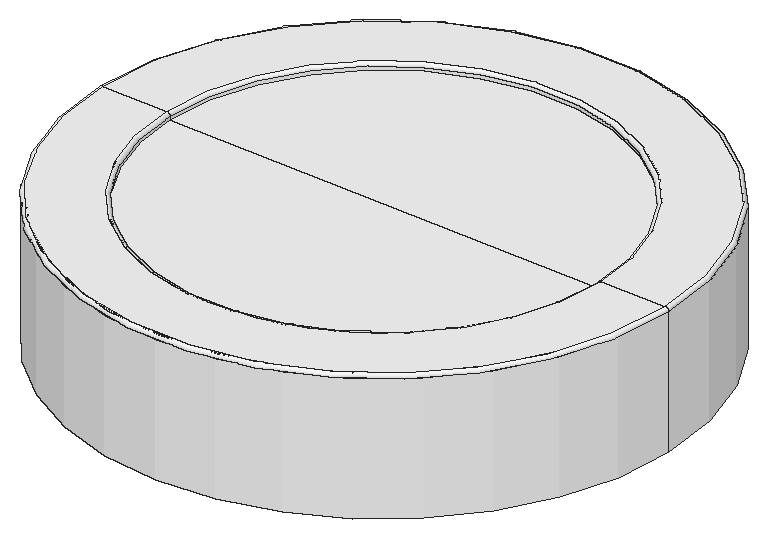
Revit family "0053321 Feilo Sylvania Lighting Fixture SYLFLAT SURFACE DIM 1000 R 4000K", category Lighting Fixtures, host Face, Revit 2016
Family settings
  Host = Face
  Part Type = Normal
  Round Connector Dimension = Use Diameter
  OmniClass Number = 23.80.70.00
  OmniClass Title = Lighting
  Cut with Voids When Loaded = No
  Light Source = Yes
  Shared = No
  Room Calculation Point = No
Parameters (values of type "0053321 SYLFLAT SURFACE DIM 1000 R 4000K")
  Width_FEILO = 172 mm
  WidthDiffuser_FEILO = if(Square_FEILO, 168 mm, Width_FEILO / 1.3294)  # 129.381 mm
  Weight = "10.24 kg"
  Wattage Comments = ""
  Wattage = 13 W
  WarrantyStartDate [instance] = "n/a"
  WarrantyGuarantorParts = "n/a"
  WarrantyDurationUnit = "n/a"
  WarrantyDurationParts = "n/a"
  WarrantyDescription = "n/a"
  built-in parameter 1150110 = 1 (stored number, unit not read)
  Voltage = 230 V
  URL = "http://www.feilosylvania.com"
  TypeName = "SYLFLAT SURFACE DIM 1000 R 4000K"
  Type Image = <None>
  Type Comments = "n/a"
  built-in parameter 1114217 = 1 (stored number, unit not read)
  Tilt Angle = -90.00°
  built-in parameter 1150109 = 1 (stored number, unit not read)
  built-in parameter 1150134 = 12
  built-in parameter 1150113 = 1 (stored number, unit not read)
  Square_FEILO = no
  SerialNumber [instance] = "n/a"
  Round_FEILO = not(Square_FEILO)  # yes
  RadiusSquare_FEILO = 10 mm
  RadiusDiffuser_FEILO = 7 mm
  Photometric Web File = "0053321.ies"
  Material_3_FEILO = none
  PowerFactor = 0.9
  PowerConsumption = "13 W"
  NominalLength = 172 mm
  NominalHeight = 39 mm
  NominalDepth = 172 mm
  Name = "SYLFLAT SURFACE DIM 1000 R 4000K"
  ModelReference = Name  # "SYLFLAT SURFACE DIM 1000 R 4000K"
  ModelNumber = "0053321"
  Model = Name  # "SYLFLAT SURFACE DIM 1000 R 4000K"
  Material = "aluminium housing, polystyrene diffuser"
  ManufacturerName = "Feilo Sylvania"
  Manufacturer = "Feilo Sylvania"
  LuminousEfficacy = "91.54 lm/W"
  built-in parameter 1150105 = 421.01 (stored number, unit not read)
  Lumens = 1190.02 lm
  LuminaireType = ""
  built-in parameter 1150115 = 1 (stored number, unit not read)
  LightOutputRatio = "n/a"
  built-in parameter 1150137 = (empty or 0)
  built-in parameter 1150139 = (empty or 0)
  LampsType = Lamp  # "LED"
  LampNominalLuminous = "1004 lm"
  LampMacAdamStep = "n/a"
  LampColourTemperature = "4000 K"
  LampColourRenderingIndex = "80"
  built-in parameter 1150112 = 1 (stored number, unit not read)
  built-in parameter 1150114 = 1 (stored number, unit not read)
  Lamp = "LED"
  Keynote = "16500"
  InstallationDate [instance] = "n/a"
  InputVoltage = "220-240V~"
  InputNominalFrequency = "50/60 Hz"
  built-in parameter 1150132 = (empty or 0)
  built-in parameter 1150102 = (empty or 0)
  built-in parameter 1150107 = 4000 (stored number, unit not read)
  built-in parameter 1150138 = (empty or 0)
  IngressProtection = "IP20"
  ImpactProtectionIndex = "IK06"
  built-in parameter 1150106 = 4.2101 (stored number, unit not read)
  IfcExportType = "IfcLightFixtureType"
  IfcExportAs = "IfcLightFixtureType"
  ExpectedLife = 50000
  Emit from Circle Diameter = WidthDiffuser_FEILO  # 129.381 mm
  Emit Shape Visible in Rendering = no
  ElectricShockClassification = "Class II"
  built-in parameter 1150104 = 8.5043 (stored number, unit not read)
  DurationUnit = "hours"
  DocumentationLiterature = "http://www.feilosylvania.com/product/en-int/products/0053321"
  DimmingControlOptions = "Dimmable"
  Material_2_FEILO = LED-Sylvania-SylflatSurface
  Dimming Lamp Color Temperature Shift = <None>
  Description = "Integrated LED surface mounted downlight providing 1190 fixture lumens at a wattage of 13W giving a high efficacy of 92lm/W. Fitting includes Leading/Trailing edge phase dimmable driver and has a round outer dimmension of of 172x172x39mm with an IP20 and IK02 rating providing uniform distribution with an Opal diffuser and 110° beam angle. Provided including a Loop in Loop out box and built with a white aluminium housing."
  Default Elevation = 1219.2 mm
  CreatedOn = "2/15/2018"
  CreatedBy = "aron.fodor@feilosylvania.com"
  Cost = 0
  Color Filter = 16777215
  built-in parameter 1114216 [instance] = (empty or 0)
  ClassificationValue = "EF_70_80"
  ClassificationName = "Uniclass2015"
  Material_1_FEILO = Body-Sylvania-SylflatSurface-White
  BarCode [instance] = "n/a"
  built-in parameter 1114218 = 1 (stored number, unit not read)
  built-in parameter 1150133 = 10 (stored number, unit not read)
  AssetType = "Fixed"
  AssetIdentifier [instance] = "n/a"
  Assembly Code = "D5020200"
  Apparent Load = 13 VA
  Material_4_FEILO = none
Reference planes
  plane 1 "Center (Front/Back)": y = 0
  plane 2: z = 0
  plane 3 "Center (Left/Right)": x = 0
  plane 4: x = 86
  plane 5: x = -86
  plane 6: y = 86
  plane 7: y = -86
  plane 8: x = -76
  plane 9: y = 76
  plane 10: x = 76
  plane 11: y = -76
  plane 12: y = 64.69
  plane 13: y = -64.69
  plane 14: x = 64.69
  plane 15: x = -64.69
  plane 16: x = -57.69
  plane 17: y = 57.69
  plane 18: x = 57.69
  plane 19: y = -57.69
  plane 20: z = 39
  plane 21: x = -85
  plane 22: z = 38
  plane 23: z = 37
  plane 24: x = -65.69
Forms (mm)
  Revolve 1, solid, material "Body-Sylvania-SylflatSurface-White" <- "Material_1_FEILO", visible <- "Round_FEILO"
    sketch origin (0, 0, 0) x (1, 0, 0) y (0, 0, 1)
      loop
        line (0, 0) -> (0, 37) -> (-64.69, 37) -> (-64.69, 38)
        arc (-64.69, 38) -> (-64.983, 38.707) -> (-65.69, 39) r 1
        line (-65.69, 39) -> (-85, 39)
        arc (-85, 39) -> (-85.707, 38.707) -> (-86, 38) r 1
        line (-86, 38) -> (-86, 0) -> (0, 0)
      axis (0, 39) -> (0, 0)
    angle from 360 to 0
  Extrusion 2, solid, material "Body-Sylvania-SylflatSurface-White" <- "Material_1_FEILO", visible <- "Square_FEILO"
    sketch origin (0, 0, 0) x (1, 0, 0) y (0, 1, 0)
      loop
        arc (-86, -76) -> (-83.071, -83.071) -> (-76, -86) r 10
        line (-76, -86) -> (76, -86)
        arc (76, -86) -> (83.071, -83.071) -> (86, -76) r 10
        line (86, -76) -> (86, 76)
        arc (86, 76) -> (83.071, 83.071) -> (76, 86) r 10
        line (76, 86) -> (-76, 86)
        arc (-76, 86) -> (-83.071, 83.071) -> (-86, 76) r 10
        line (-86, 76) -> (-86, -76)
      loop
        arc (-57.69, 64.69) -> (-62.64, 62.64) -> (-64.69, 57.69) r 7
        line (-64.69, 57.69) -> (-64.69, -57.69)
        arc (-64.69, -57.69) -> (-62.64, -62.64) -> (-57.69, -64.69) r 7
        line (-57.69, -64.69) -> (57.69, -64.69)
        arc (57.69, -64.69) -> (62.64, -62.64) -> (64.69, -57.69) r 7
        line (64.69, -57.69) -> (64.69, 57.69)
        arc (64.69, 57.69) -> (62.64, 62.64) -> (57.69, 64.69) r 7
        line (57.69, 64.69) -> (-57.69, 64.69)
    from 0 to 39
  Extrusion 3, solid, material "Body-Sylvania-SylflatSurface-White" <- "Material_1_FEILO", visible <- "Square_FEILO"
    sketch origin (0, 0, 0) x (1, 0, 0) y (0, 1, 0)
      loop
        arc (-57.69, 64.69) -> (-62.64, 62.64) -> (-64.69, 57.69) r 7
        line (-64.69, 57.69) -> (-64.69, -57.69)
        arc (-64.69, -57.69) -> (-62.64, -62.64) -> (-57.69, -64.69) r 7
        line (-57.69, -64.69) -> (57.69, -64.69)
        arc (57.69, -64.69) -> (62.64, -62.64) -> (64.69, -57.69) r 7
        line (64.69, -57.69) -> (64.69, 57.69)
        arc (64.69, 57.69) -> (62.64, 62.64) -> (57.69, 64.69) r 7
        line (57.69, 64.69) -> (-57.69, 64.69)
    from 0 to 37
Cuts and joins
  joined: Extrusion 2, Extrusion 3
Dimensions and locks
  equal spacing: plane 5, plane 3 "Center (Left/Right)", plane 4
  equal spacing: plane 7, plane 1 "Center (Front/Back)", plane 6
  "Width_FEILO": plane 7 to plane 6
  "Width_FEILO": plane 5 to plane 4
  equal spacing: plane 11, plane 1 "Center (Front/Back)", plane 9
  "RadiusSquare_FEILO": plane 9 to plane 6
  equal spacing: plane 8, plane 3 "Center (Left/Right)", plane 10
  "RadiusSquare_FEILO": plane 5 to plane 8
  equal spacing: plane 15, plane 3 "Center (Left/Right)", plane 14
  equal spacing: plane 13, plane 1 "Center (Front/Back)", plane 12
  "WidthDiffuser_FEILO": plane 13 to plane 12
  "WidthDiffuser_FEILO": plane 15 to plane 14
  equal spacing: plane 16, plane 3 "Center (Left/Right)", plane 18
  equal spacing: plane 19, plane 1 "Center (Front/Back)", plane 17
  "RadiusDiffuser_FEILO": plane 17 to plane 12
  "RadiusDiffuser_FEILO": plane 15 to plane 16
  locked: plane 20 to plane 2 at 39
  locked: plane 20 to plane 22 at 1
  locked: plane 21 to plane 5 at 1
  locked: plane 20 to plane 23 at 2
  locked: plane 15 to plane 24 at 1
  aligned and locked: plane 2 to host face
  aligned and locked: level to host face
  aligned and locked: Revolve 1 sketch curve to plane 3 "Center (Left/Right)"
  aligned and locked: Revolve 1 sketch curve to Revolve 1 sketch curve
  aligned and locked: Revolve 1 sketch curve to plane 20
  aligned and locked: Revolve 1 sketch curve to plane 5
  aligned and locked: Revolve 1 sketch curve to level
  aligned and locked: plane 23 to Revolve 1 sketch curve
  aligned and locked: plane 21 to Revolve 1 sketch curve
  aligned and locked: plane 20 to Revolve 1 sketch curve
  aligned and locked: plane 22 to Revolve 1 sketch curve  (x2)
  aligned and locked: plane 15 to Revolve 1 sketch curve
  aligned and locked: plane 24 to Revolve 1 sketch curve
  aligned and locked: plane 11 to Extrusion 2 sketch curve  (x3)
  aligned and locked: plane 5 to Extrusion 2 sketch curve  (x2)
  aligned and locked: plane 8 to Extrusion 2 sketch curve  (x4)
  aligned and locked: plane 7 to Extrusion 2 sketch curve
  aligned and locked: plane 4 to Extrusion 2 sketch curve  (x2)
  aligned and locked: plane 10 to Extrusion 2 sketch curve  (x4)
  aligned and locked: Extrusion 2 sketch curve to plane 6
  aligned and locked: plane 9 to Extrusion 2 sketch curve  (x3)
  aligned and locked: Extrusion 2 to level
  aligned and locked: Extrusion 2 to plane 20
  aligned and locked: plane 16 to Extrusion 2 sketch curve  (x3)
  aligned and locked: plane 12 to Extrusion 2 sketch curve  (x2)
  aligned and locked: plane 14 to Extrusion 2 sketch curve
  aligned and locked: plane 15 to Extrusion 2 sketch curve
  aligned and locked: plane 18 to Extrusion 2 sketch curve  (x4)
  aligned and locked: plane 17 to Extrusion 2 sketch curve  (x4)
  aligned and locked: plane 19 to Extrusion 2 sketch curve  (x4)
  aligned and locked: plane 13 to Extrusion 2 sketch curve
  aligned and locked: Extrusion 3 sketch curve to Extrusion 2  (x4)
  aligned and locked: Extrusion 3 to level
  aligned and locked: Extrusion 3 to plane 23
  aligned and locked: plane 3 "Center (Left/Right)" to imposter light
  aligned and locked: imposter light to plane 1 "Center (Front/Back)"
  aligned and locked: imposter light to plane 23
Automatic sketch dimensions
  host sketch curve to host sketch curve = 2438.4 mm  (x2)
  Revolve 1 sketch curve to plane 3 "Center (Left/Right)" = 0 mm
  Revolve 1 sketch curve to level = 609.6 mm
  Revolve 1 sketch curve to plane 20 = 2570.058 mm
Connectors
  electrical at (0, 0, 0), driven by "Apparent Load", driven by "PowerFactor", driven by "Voltage"
    settings: index 1, voltage 230 V, apparent load 13 VA, apparent load phase1 0 VA, apparent load phase2 0 VA, apparent load phase3 0 VA, power factor 0.9, load classification "Lighting", number of poles 1, system type 30, power factor state 1, is connector primary yes, connector utility no, sub classification motor no, connector description ""
